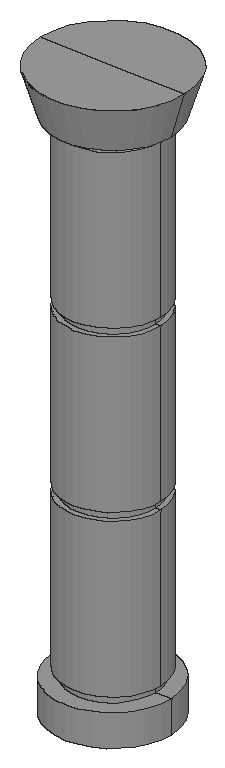
Revit family "56da6554901e46cba42bf7292b5eed30", category Columns, Revit 2021
Family settings
  OmniClass Number = 23.25.30.11.14.11
  OmniClass Title = Columns
  Seek Item ID = Metal Clad Column-0000-USA-ENU
  Cut with Voids When Loaded = No
  Automatically joins geometry to walls = Yes
  Shared = No
  Show family pre-cut in plan views = Yes
Parameters (values of type "18"")
  Assembly Code = "B1010200"
  Base = 0' - 6"
  Capital = 0' - 8"
  Diameter = 1' - 6"
  Material = Aluminum
  Joint Depth = 0' - 1"
  Joint Width = 0' - 1 1/2"
  Offset base level = 0' - 0"
  Offset top level = 0' - 0"
Types (3): name | Diameter
  (no name) | 1' - 6"
  24" | 2' - 0"
  18" | 1' - 6"
Reference planes (in)
  plane 1: y = 0
  plane 2: z = 0
  plane 3: x = 0
  plane 4: x = -9
  plane 5: x = 9
  plane 6: y = 9
  plane 7: y = -9
  plane 8: z = 6
  plane 9: z = 6.75
  plane 10: z = 7.5
  plane 11: z = 99.25
  plane 12: z = 100
  plane 13: z = 98.5
  plane 14: z = 68.41667
  plane 15: z = 37.58333
  plane 16: z = 108
  plane 17: z = 0
Forms (in)
  Revolve 1, solid, material "Aluminum" <- "Material"
    sketch origin (0, 0, 0) x (1, 0, 0) y (0, 0, 1)
      loop
        line (0, 0) -> (-11, 0) -> (-11, 6) -> (-8, 6) -> (-8, 7.5) -> (-9, 7.5) -> (-9, 36.83333) -> (-8, 36.83333) -> (-8, 38.33333) -> (-9, 38.33333) -> (-9, 67.66667) -> (-8, 67.66667) -> (-8, 69.16667) -> (-9, 69.16667) -> (-9, 98.5) -> (-8, 98.5) -> (-8, 100) -> (-11, 100) -> (-13.5, 108) -> (0, 108)
      axis (0, 108) -> (0, 0)
    angle from 0 to 360
Dimensions and locks (in)
  equal spacing: plane 4, plane 3, plane 5
  equal spacing: plane 7, plane 1, plane 6
  "Diameter": plane 4 to plane 5
  "Diameter": plane 7 to plane 6
  equal spacing: plane 12, plane 11, plane 13
  equal spacing: plane 10, plane 9, plane 8
  equal spacing: plane 11, plane 14, plane 15, plane 9
  "Joint Width": plane 12 to plane 13
  equal spacing: Revolve 1 sketch curve, plane 14, Revolve 1 sketch curve
  "Joint Width": Revolve 1 sketch curve to Revolve 1 sketch curve  (x2)
  equal spacing: Revolve 1 sketch curve, plane 15, Revolve 1 sketch curve
  "Joint Width": plane 10 to plane 8
  "Joint Depth": plane 4 to Revolve 1 sketch curve  (x4)
  "Offset base level": plane 17 to level
  "Offset top level": level to plane 16
  "Base": plane 8 to plane 17
  "Capital": plane 16 to plane 12
  aligned and locked: plane 17 to Revolve 1 sketch curve
  aligned and locked: Revolve 1 sketch curve to plane 16
Automatic sketch dimensions
  Revolve 1 sketch curve to plane 8 = 0' - 0"
  Revolve 1 sketch curve to plane 12 = 0' - 0"
  Revolve 1 sketch curve to plane 4 = 0' - 0"  (x3)
  Revolve 1 sketch curve to plane 13 = 0' - 0"
  Revolve 1 sketch curve to plane 10 = 0' - 0"
  Revolve 1 sketch curve to plane 3 = 0' - 0"
  plane 4 to Revolve 1 sketch curve = 0' - 4 1/2"
  plane 4 to Revolve 1 sketch curve = 0' - 2"  (x2)
